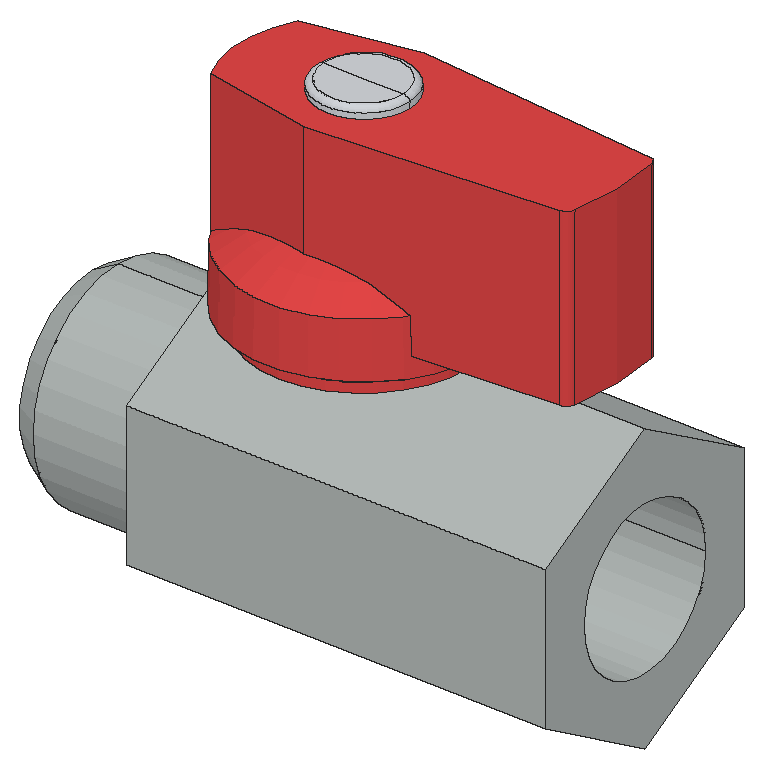
Revit family "QL10320000", category Apparecchi idraulici, Revit 2020
Family settings
  Quota connettore circolare = Usa diametro
  Tipo di parte = Normale
  Numero OmniClass = 23.45.00.00
  Titolo OmniClass = Sanitary, Laundry, and Cleaning Equipment
  Basato su piano di lavoro = No
  Sempre verticale = Sì
  Taglio con vuoti quando caricato = No
  Condiviso = No
  Punto di calcolo locali = No
Parameters
  URL = "https://web.cimberio.com/index.php/figura/964?subcategoria_id=47"
  Temperatura di esercizio = "-20 ÷ 95°C"
  Prospetto di default = 0 mm
  Produttore = "CIMBERIO SPA"
  Pressione nominale = "PN 150"
  Modello = "Cim 012RS"
  Materiale = "Prodotto in lega di ottone conforme alla norma EN 12165-CW617N-DW"
  Descrizione = "Realizzato in ottemperanza ai requisiti gestionali della norma EN ISO 9001.\r\nUtilizzato per la regolazione della temperatura degli ambienti e comandare apparecchi degli impianti di riscaldamento e condizionamento."
  DN Model [instance] = QL10321015 : QL10321015
  DN [instance] = 15 mm
  Commenti sul tipo = "Utilizzato nei più svariati settori dell'impiantistica: impianti di riscaldamento, condizionamento, idrici, igienico-sanitari, aria compressa e in generale con ogni fluido non corrosivo"
Reference planes
  plane 1 "Centro (Fronte/Retro)": y = 0
  plane 2: z = 0
  plane 3 "Centro (Sinistra/Destra)": x = 0
Dimensions and locks
  aligned and locked: level to plane 2
Nested families
  nested 1: "QL10321015" at (0, 0, 0), type <- "DN Model", type "QL10321015"
  nested 2: "QL10321015" at (0, 0, 0), type <- "DN Model", type "QL10321015"
  nested 3: "QL10321015" at (0, 0, 0), type <- "DN Model", type "QL10321015"
Connectors
  piping at (25.957, 0, 14), diameter 15, driven by "DN"
    settings: on nested 1, index 1, connector inside diameter 609.6 mm, connector length 0 mm, flow factor 0, pipe flow 0.0 L/s, pressure drop 0.0 Pa, fitting loss kfactor 0, connector angle 0.00°, fixture units 0, engagement length 0 mm, angle of deflection 0.00°, flow configuration 0, flow direction 0, fitting loss method 0, system type 7, joint type 0, gender type 0, connector reference index -1, connector utility 0, adjustable connector no, is connector primary yes, connector description ""
  piping at (-27.762, 0, 11.892), diameter 15, driven by "DN"
    settings: on nested 1, index 2, connector inside diameter 609.6 mm, connector length 0 mm, flow factor 0, pipe flow 0.0 L/s, pressure drop 0.0 Pa, fitting loss kfactor 0, connector angle 0.00°, fixture units 0, engagement length 0 mm, angle of deflection 0.00°, flow configuration 0, flow direction 0, fitting loss method 0, system type 7, joint type 0, gender type 0, connector reference index -1, connector utility 0, adjustable connector no, is connector primary no, connector description ""
Definition of nested family "QL10321015"
  Parameters (values of type "QL10321015")
    URL = "https://web.cimberio.com/index.php/figura/1418?subcategoria_id="
    Temperatura di esercizio = "-10 ÷ 110°C"
    Default Elevation = 0 mm
    Manufacturer = "CIMBERIO SPA"
    Pressione nominale = "PN 10"
    Model = "Cim 150VIC"
    Materiale = "Prodotto in lega di ottone conforme alla norma EN 12165-CW617N-DW"
    Description = "Utilizzato nei più svariati settori dell'impiantistica: impianti di riscaldamento, condizionamento, idrici, igienico-sanitari e in generale con ogni fluido non corrosivo"
    DN Model [instance] = HG00081015 : HG00081015
    DN [instance] = 15 mm
    Type Comments = "Realizzato in ottemperanza ai requisiti gestionali della norma EN ISO 9001.\r\nCollaudato al 100% secondo la normativa EN 12266-1"
  Reference planes
    plane 1 "Centro (Fronte/Retro)": y = 0
    plane 2: z = 0
    plane 3 "Centro (Sinistra/Destra)": x = 0
  Forms (mm)
    Extrusion 1, solid
      sketch origin (0, 0, 14) x (0, 1, 0) y (0, 0, 1)
        loop
          circle (0, 0) r 7.5
        loop
          line (0, 14) -> (-12.124, 7) -> (-12.124, -7) -> (0, -14) -> (12.124, -7) -> (12.124, 7) -> (0, 14)
      from -15.043 to 25.957
    Revolve 2, solid
      sketch origin (0.156, 0, -0.02) x (1, 0, 0) y (0, 0, 1)
        loop
          line (-13.65, 29.159) -> (-12.068, 28.245) -> (-12.068, 27.3) -> (-1.75, 27.3) -> (-1.75, 38.235)
          arc (-1.75, 38.235) -> (-7.968, 37.443) -> (-13.555, 34.603) r 18.326
          line (-13.555, 34.603) -> (-13.65, 29.159)
        axis (-1.75, 27.3) -> (-1.75, 38.235)
      angle from 0 to 360
    Revolve 3, solid
      sketch origin (0.186, 0, -0.001) x (1, 0, 0) y (0, 0, 1)
        loop
          line (-6.25, 48.586) -> (-6.25, 47.06) -> (-1.75, 47.06) -> (-1.75, 49.1) -> (-5.644, 49.1)
          arc (-5.644, 49.1) -> (-6.041, 48.954) -> (-6.25, 48.586) r 0.614
        axis (-1.75, 49.1) -> (-1.75, 47.06)
      angle from 0 to 360
    Extrusion 4, solid
      sketch origin (0, 0, 0) x (1, 0, 0) y (0, 1, 0)
        loop
          line (-1.55, -7.358) -> (21.897, -5.374)
          arc (21.897, -5.374) -> (22.482, -5.121) -> (22.795, -4.565) r 1
          arc (22.795, -4.565) -> (23.239, 0.126) -> (22.795, 4.817) r 25
          arc (22.795, 4.817) -> (22.645, 5.184) -> (22.364, 5.464) r 1
          line (22.364, 5.464) -> (-1.549, 7.359) -> (-12.286, 5.325)
          arc (-12.286, 5.325) -> (-13.555, -0.054) -> (-12.237, -5.422) r 11.805
          line (-12.237, -5.422) -> (-1.55, -7.358)
      from 31.045 to 48.089
    Revolve 5, solid
      sketch origin (-0.985, 0, 0) x (1, 0, 0) y (0, 0, 1)
        loop
          line (-14.058, 24.427) -> (-24.564, 24.422) -> (-27.063, 22.977) -> (-27.063, 21.5) -> (-14.058, 21.5) -> (-14.058, 24.427)
        axis (-14.058, 14) -> (-27.063, 14)
      angle from 0 to 360
  Dimensions and locks
    aligned and locked: level to plane 2
